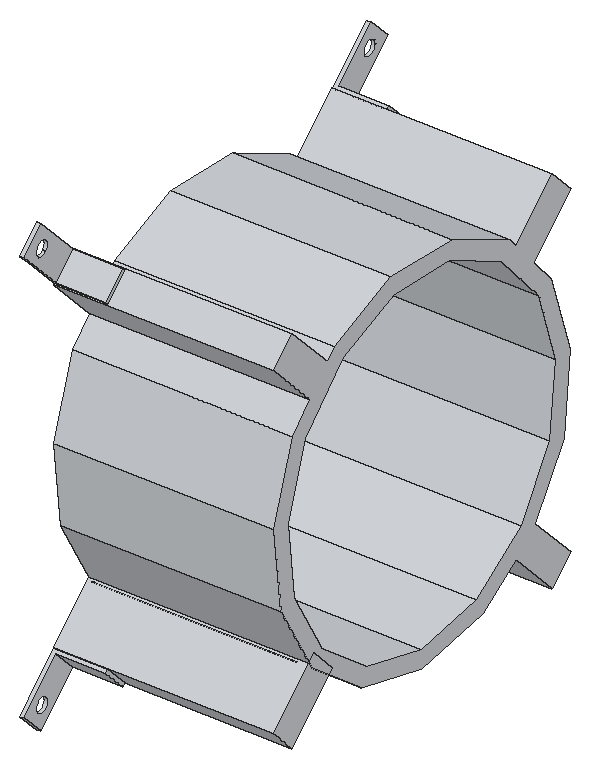
Revit family "HP150R REV 0", category Pipe Accessories, Revit 2021
Family settings
  Round Connector Dimension = Use Diameter
  Part Type = Breaks Into
  Work Plane-Based = No
  Always vertical = No
  Cut with Voids When Loaded = No
  Shared = No
Parameters
  URL = "https://www.snapcollars.com.au/"
  Model = "HP150R"
  Manufacturer = "Snap Fire Systems"
  Description = "The HP150R is a metal, retro-fit fire collar for concrete floor slabs and fire rated plasterboard, Speedpanel, Hebel Powerpanel, concrete and masonry walls."
  Default Elevation = 0 mm
Reference planes
  plane 1 "Center (Front/Back)": y = 0
  plane 2: z = 0
  plane 3 "Center (Left/Right)": x = -139.129
  plane 4: x = -230
  plane 5: x = -208.636
  plane 6: x = -210
Forms (mm)
  Extrusion 1, solid, material "PVC-White", not visible, detail levels fine
    sketch origin (0, 0, 0) x (1, 0, 0) y (0, 0, 1)
      loop
        line (-80, 60.418) -> (-227.967, 86.048) -> (-227.967, 69.12) -> (-80, 60.418)
    from -1.5 to 1.5
  Extrusion 2, solid, material "PVC-White", not visible, detail levels fine
    sketch origin (0, 0, 0) x (1, 0, 0) y (0, -0.5, 0.866025)
      loop
        line (-80, 60.418) -> (-227.967, 86.048) -> (-227.967, 69.12) -> (-80, 60.418)
    from -1.5 to 1.5
  Extrusion 3, solid, material "PVC-White", not visible, detail levels fine
    sketch origin (0, 0, 0) x (1, 0, 0) y (0, -0.866025, 0.5)
      loop
        line (-80, 60.418) -> (-227.967, 86.048) -> (-227.967, 69.12) -> (-80, 60.418)
    from -1.5 to 1.5
  Extrusion 4, solid, material "PVC-White", not visible, detail levels fine
    sketch origin (0, 0, 0) x (0, -1, 0) y (-1, 0, 0)
      loop
        line (60.418, 80) -> (86.048, 227.967) -> (69.12, 227.967) -> (60.418, 80)
    from -1.5 to 1.5
  Extrusion 5, solid, material "PVC-White", not visible, detail levels fine
    sketch origin (0, 0, 0) x (1, 0, 0) y (0, -0.866025, -0.5)
      loop
        line (-80, 60.418) -> (-227.967, 86.048) -> (-227.967, 69.12) -> (-80, 60.418)
    from -1.5 to 1.5
  Extrusion 6, solid, material "PVC-White", not visible, detail levels fine
    sketch origin (0, 0, 0) x (1, 0, 0) y (0, -0.5, -0.866025)
      loop
        line (-80, 60.418) -> (-227.967, 86.048) -> (-227.967, 69.12) -> (-80, 60.418)
    from -1.5 to 1.5
  Extrusion 7, solid, material "PVC-White", not visible, detail levels fine
    sketch origin (0, 0, 0) x (1, 0, 0) y (0, 0, -1)
      loop
        line (-80, 60.418) -> (-227.967, 86.048) -> (-227.967, 69.12) -> (-80, 60.418)
    from -1.5 to 1.5
  Extrusion 8, solid, material "PVC-White", not visible, detail levels fine
    sketch origin (0, 0, 0) x (1, 0, 0) y (0, 0.5, -0.866025)
      loop
        line (-80, 60.418) -> (-227.967, 86.048) -> (-227.967, 69.12) -> (-80, 60.418)
    from -1.5 to 1.5
  Extrusion 9, solid, material "PVC-White", not visible, detail levels fine
    sketch origin (0, 0, 0) x (1, 0, 0) y (0, 0.866025, -0.5)
      loop
        line (-80, 60.418) -> (-227.967, 86.048) -> (-227.967, 69.12) -> (-80, 60.418)
    from -1.5 to 1.5
  Extrusion 10, solid, material "PVC-White", not visible, detail levels fine
    sketch origin (0, 0, 0) x (1, 0, 0) y (0, 1, 0)
      loop
        line (-80, 60.418) -> (-227.967, 86.048) -> (-227.967, 69.12) -> (-80, 60.418)
    from -1.5 to 1.5
  Extrusion 11, solid, material "PVC-White", not visible, detail levels fine
    sketch origin (0, 0, 0) x (1, 0, 0) y (0, 0.866025, 0.5)
      loop
        line (-80, 60.418) -> (-227.967, 86.048) -> (-227.967, 69.12) -> (-80, 60.418)
    from -1.5 to 1.5
  Extrusion 12, solid, material "PVC-White", not visible, detail levels fine
    sketch origin (0, 0, 0) x (1, 0, 0) y (0, 0.5, 0.866025)
      loop
        line (-80, 60.418) -> (-227.967, 86.048) -> (-227.967, 69.12) -> (-80, 60.418)
    from -1.5 to 1.5
  Extrusion 13, solid
    sketch origin (-230, 2000, 1200) x (0, 1, 0) y (0, 0, 1)
      loop
        line (-2018.649, -1112.263) -> (-2052.723, -1127.434) -> (-2077.68, -1155.151) -> (-2089.206, -1190.624) -> (-2085.307, -1227.718) -> (-2066.658, -1260.019) -> (-2036.483, -1281.942) -> (-2000, -1289.697) -> (-1963.517, -1281.942) -> (-1933.342, -1260.019) -> (-1914.693, -1227.718) -> (-1910.794, -1190.624) -> (-1922.32, -1155.151) -> (-1947.277, -1127.434) -> (-1981.351, -1112.263) -> (-2018.649, -1112.263)
      loop
        line (-2020.562, -1103.263) -> (-2058.131, -1119.99) -> (-2085.648, -1150.551) -> (-2098.356, -1189.662) -> (-2094.058, -1230.561) -> (-2073.496, -1266.176) -> (-2040.225, -1290.348) -> (-2000, -1298.898) -> (-1959.775, -1290.348) -> (-1926.504, -1266.176) -> (-1905.942, -1230.561) -> (-1901.644, -1189.662) -> (-1914.352, -1150.551) -> (-1941.869, -1119.99) -> (-1979.438, -1103.263) -> (-2020.562, -1103.263)
    from 0 to 117
  Extrusion 14, solid, not visible
    sketch origin (-230, 23.225, 34.758) x (0, -0.92388, 0.382683) y (1, 0, 0)
      loop
        line (16.311, 91) -> (0, 91) -> (0, 65) -> (16.311, 65) -> (16.311, 91)
    from 0 to 3
  Extrusion 15, solid, not visible
    sketch origin (-230, 24.373, 37.53) x (0, -0.92388, 0.382683) y (1, 0, 0)
      loop
        line (16.311, 91) -> (0, 91) -> (0, 88) -> (16.311, 88) -> (16.311, 91)
    from 0 to 21
  Extrusion 16, solid, not visible
    sketch origin (-230, 29.556, 29.418) x (0, -0.828512, 0.559971) y (1, 0, 0)
      loop
        line (16.311, 91) -> (0, 91) -> (0, 65) -> (16.311, 65) -> (16.311, 91)
    from 0 to 3
  Extrusion 17, solid, not visible
    sketch origin (-230, 31.236, 31.904) x (0, -0.828512, 0.559971) y (1, 0, 0)
      loop
        line (16.311, 91) -> (0, 91) -> (0, 88) -> (16.311, 88) -> (16.311, 91)
    from 0 to 21
  Extrusion 18, solid, not visible
    sketch origin (-230, -15.852, 38.571) x (0, -0.83464, -0.550797) y (1, 0, 0)
      loop
        line (16.311, 91) -> (0, 91) -> (0, 65) -> (16.311, 65) -> (16.311, 91)
    from 0 to 3
  Extrusion 19, solid, not visible
    sketch origin (-230, -17.504, 41.075) x (0, -0.83464, -0.550797) y (1, 0, 0)
      loop
        line (16.311, 91) -> (0, 91) -> (0, 88) -> (16.311, 88) -> (16.311, 91)
    from 0 to 21
  Extrusion 20, solid, not visible
    sketch origin (-230, 29.261, -29.712) x (0, 0.564361, 0.825528) y (1, 0, 0)
      loop
        line (16.311, 91) -> (0, 91) -> (0, 65) -> (16.311, 65) -> (16.311, 91)
    from 0 to 3
  Extrusion 21, solid, not visible
    sketch origin (-230, 31.738, -31.405) x (0, 0.564361, 0.825528) y (1, 0, 0)
      loop
        line (16.311, 91) -> (0, 91) -> (0, 88) -> (16.311, 88) -> (16.311, 91)
    from 0 to 21
  Extrusion 22, solid, not visible
    sketch origin (-230, -38.657, -15.64) x (0, 0.54621, -0.837649) y (1, 0, 0)
      loop
        line (16.311, 91) -> (0, 91) -> (0, 65) -> (16.311, 65) -> (16.311, 91)
    from 0 to 3
  Extrusion 23, solid, not visible
    sketch origin (-230, -41.17, -17.279) x (0, 0.54621, -0.837649) y (1, 0, 0)
      loop
        line (16.311, 91) -> (0, 91) -> (0, 88) -> (16.311, 88) -> (16.311, 91)
    from 0 to 21
  Extrusion 24, solid
    sketch origin (0, 54.364, 54.364) x (1, 0, 0) y (0, 0.707107, 0.707107)
      loop
        line (-201.343, 54.118) -> (-201.343, 56.118) -> (-228.024, 56.118) -> (-228.024, 86.118) -> (-230, 86.118) -> (-230, 78) -> (-230, 54.118) -> (-201.343, 54.118)
    from -8 to 8
  Extrusion 25, void
    sketch origin (-228.024, 118.711, 118.711) x (0, -0.707107, -0.707107) y (0, 0.707107, -0.707107)
      loop
        circle (14, 0) r 4
    from -10.829 to 2.558
  Extrusion 26, solid, not visible
    sketch origin (0, 0, 41.882) x (1, 0, 0) y (0, 0, 1)
      loop
        line (-201.343, 54.118) -> (-201.343, 56.118) -> (-228.024, 56.118) -> (-228.024, 86.118) -> (-230, 86.118) -> (-230, 78) -> (-230, 54.118) -> (-201.343, 54.118)
    from -8 to 8
  Extrusion 27, void, not visible
    sketch origin (-228.024, 0, 132.882) x (0, 0, -1) y (0, 1, 0)
      loop
        circle (14, 0) r 4
    from -10.829 to 2.558
  Extrusion 28, void
    sketch origin (-228.024, -93.962, 93.962) x (0, 0.707107, -0.707107) y (0, 0.707107, 0.707107)
      loop
        circle (14, 0) r 4
    from -10.829 to 2.558
  Extrusion 29, solid
    sketch origin (0, 43.134, 43.134) x (1, 0, 0) y (0, 0.707107, 0.707107)
      loop
        line (-113, 32.144) -> (-113, 70) -> (-230, 70) -> (-230, 32.144) -> (-113, 32.144)
    from -8.715 to 8.715
  Extrusion 30, void
    sketch origin (-228.024, 93.962, -93.962) x (0, -0.707107, 0.707107) y (0, -0.707107, -0.707107)
      loop
        circle (14, 0) r 4
    from -10.829 to 2.558
  Extrusion 31, solid, not visible
    sketch origin (0, 46.803, 60.995) x (1, 0, 0) y (0, 0.608761, 0.793353)
      loop
        line (-201.343, 54.118) -> (-201.343, 56.118) -> (-228.024, 56.118) -> (-228.024, 86.118) -> (-230, 86.118) -> (-230, 78) -> (-230, 54.118) -> (-201.343, 54.118)
    from -8 to 8
  Extrusion 32, solid, not visible
    sketch origin (0, 37.134, 48.395) x (1, 0, 0) y (0, 0.608761, 0.793353)
      loop
        line (-168, 41) -> (-168, 70) -> (-230, 70) -> (-230, 41) -> (-168, 41)
    from -8.715 to 8.715
  Extrusion 33, solid
    sketch origin (0, -54.364, 54.364) x (1, 0, 0) y (0, -0.707107, 0.707107)
      loop
        line (-201.343, 54.118) -> (-201.343, 56.118) -> (-228.024, 56.118) -> (-228.024, 86.118) -> (-230, 86.118) -> (-230, 78) -> (-230, 54.118) -> (-201.343, 54.118)
    from -8 to 8
  Extrusion 34, void
    sketch origin (-228.024, -118.711, 118.711) x (0, 0.707107, -0.707107) y (0, 0.707107, 0.707107)
      loop
        circle (14, 0) r 4
    from -10.829 to 2.558
  Extrusion 35, solid
    sketch origin (0, -43.134, 43.134) x (1, 0, 0) y (0, -0.707107, 0.707107)
      loop
        line (-113, 32.144) -> (-113, 70) -> (-230, 70) -> (-230, 32.144) -> (-113, 32.144)
    from -8.715 to 8.715
  Extrusion 36, solid
    sketch origin (0, -54.364, -54.364) x (1, 0, 0) y (0, -0.707107, -0.707107)
      loop
        line (-201.343, 54.118) -> (-201.343, 56.118) -> (-228.024, 56.118) -> (-228.024, 86.118) -> (-230, 86.118) -> (-230, 78) -> (-230, 54.118) -> (-201.343, 54.118)
    from -8 to 8
  Extrusion 37, void
    sketch origin (-228.024, -118.711, -118.711) x (0, 0.707107, 0.707107) y (0, -0.707107, 0.707107)
      loop
        circle (14, 0) r 4
    from -10.829 to 2.558
  Extrusion 38, solid
    sketch origin (0, -43.134, -43.134) x (1, 0, 0) y (0, -0.707107, -0.707107)
      loop
        line (-113, 32.144) -> (-113, 70) -> (-230, 70) -> (-230, 32.144) -> (-113, 32.144)
    from -8.715 to 8.715
  Extrusion 39, solid
    sketch origin (0, 54.364, -54.364) x (1, 0, 0) y (0, 0.707107, -0.707107)
      loop
        line (-201.343, 54.118) -> (-201.343, 56.118) -> (-228.024, 56.118) -> (-228.024, 86.118) -> (-230, 86.118) -> (-230, 78) -> (-230, 54.118) -> (-201.343, 54.118)
    from -8 to 8
  Extrusion 40, void
    sketch origin (-228.024, 118.711, -118.711) x (0, -0.707107, 0.707107) y (0, -0.707107, -0.707107)
      loop
        circle (14, 0) r 4
    from -10.829 to 2.558
  Extrusion 41, solid
    sketch origin (0, 43.134, -43.134) x (1, 0, 0) y (0, 0.707107, -0.707107)
      loop
        line (-113, 32.144) -> (-113, 70) -> (-230, 70) -> (-230, 32.144) -> (-113, 32.144)
    from -8.715 to 8.715
Cuts and joins
  Extrusion 25, Extrusion 28, Extrusion 34 cuts Extrusion 24
  joined: Extrusion 13, Extrusion 29, Extrusion 35, Extrusion 41
  Extrusion 34 cuts Extrusion 33
  Extrusion 37 cuts Extrusion 36
  Extrusion 40 cuts Extrusion 39
Lines and regions (mm)
  model lines
    curve 1: circle (-230, 0, 0) r 31 normal (1, 0, 0)
    curve 2: circle (-230, 0, 0) r 163 normal (1, 0, 0)
    curve 3: circle (-230, 0, 0) r 153 normal (1, 0, 0)
Dimensions and locks
  locked: plane 4 to plane 3 "Center (Left/Right)" at 90.871
  Extrusion 1 sketch curve to Extrusion 1 sketch curve = 0 mm
  Extrusion 2 sketch curve to Extrusion 2 sketch curve = 0 mm
  Extrusion 3 sketch curve to Extrusion 3 sketch curve = 0 mm
  Extrusion 4 sketch curve to Extrusion 4 sketch curve = 0 mm
  Extrusion 5 sketch curve to Extrusion 5 sketch curve = 0 mm
  Extrusion 6 sketch curve to Extrusion 6 sketch curve = 0 mm
  Extrusion 7 sketch curve to Extrusion 7 sketch curve = 0 mm
  Extrusion 8 sketch curve to Extrusion 8 sketch curve = 0 mm
  Extrusion 9 sketch curve to Extrusion 9 sketch curve = 0 mm
  Extrusion 10 sketch curve to Extrusion 10 sketch curve = 0 mm
  Extrusion 11 sketch curve to Extrusion 11 sketch curve = 0 mm
  Extrusion 12 sketch curve to Extrusion 12 sketch curve = 0 mm
  aligned and locked: level to plane 2
Connectors
  piping at (-210, 0, 0), diameter 175
    settings: on plane 6, index 4, connector inside diameter 609.6 mm, connector length 0 mm, flow factor 0, pipe flow 0.0 L/s, pressure drop 0.0 Pa, fitting loss kfactor 0, connector angle 0.00°, fixture units 0, engagement length 0 mm, angle of deflection 0.00°, flow configuration 0, flow direction 0, fitting loss method 0, system type 7, joint type 0, gender type 0, connector reference index -1, connector utility 0, adjustable connector no, is connector primary yes, connector description ""
  piping at (-208.636, 0, 0), diameter 175
    settings: on plane 5, index 5, connector inside diameter 609.6 mm, connector length 0 mm, flow factor 0, pipe flow 0.0 L/s, pressure drop 0.0 Pa, fitting loss kfactor 0, connector angle 0.00°, fixture units 0, engagement length 0 mm, angle of deflection 0.00°, flow configuration 0, flow direction 0, fitting loss method 0, system type 7, joint type 0, gender type 0, connector reference index -1, connector utility 0, adjustable connector no, is connector primary no, connector description ""
